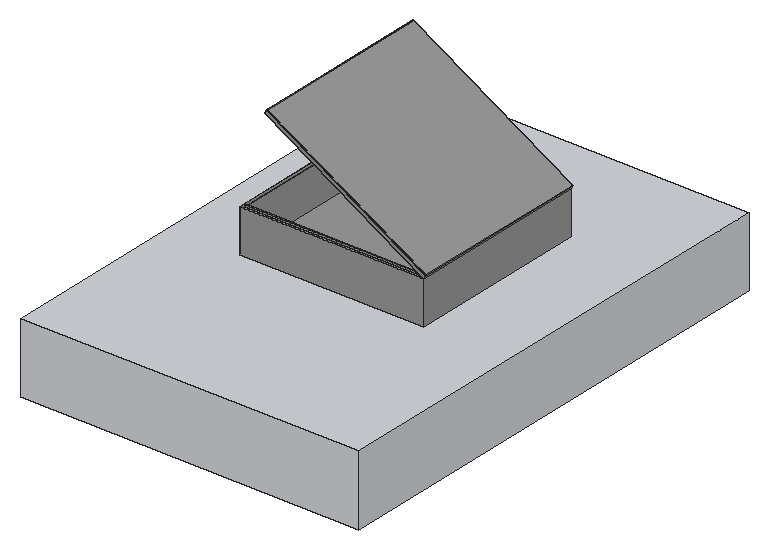
Revit family "Hager-Univers-IP44-D205-H800-Cl.I-Encl-SE-en", category Equipement électrique, Revit 2020
Family settings
  Hôte = Face
  Configuration du panneau = Deux colonnes, circuits au sein
  Cote de connecteur circulaire = Utiliser le diamètre
  Type d'élément = Tableau de raccordement
  Couper avec des vides une fois chargée = Non
  Partagée = Non
  Point de calcul de pièce = Non
Parameters (values of type "Surface mounted (plaster) IP44 W800 H800 D205  - FP53TN2")
  Width Control [instance] = if([EF000008 - Width] > Min Width, [EF000008 - Width], Min Width)  # 800 mm
  Commentaires du type = [HG000003 - Range]  # "Univers"
  Thickness Door [instance] = if([EF009171 - Material plate thickness door/cover] > 3 mm, 3 mm, [EF009171 - Material plate thickness door/cover])  # 1 mm
  Seal Frame Offset [instance] = 17 mm  # constant formula
  Plinth Visibility [instance] = [HG000027 - Plinth height] > 0 mm  # no
  Model = ""
  Min Width [instance] = 100 mm  # constant formula
  Min Height [instance] = 100 mm  # constant formula
  Min Depth [instance] = (2 * [EF009170 - Material plate thickness cabinet]) + 1 mm  # 3 mm
  Internal Frame Depth [instance] = (Door System Depth * 0.5)  # 9 mm
  Height Control [instance] = if([EF000040 - Height] > Min Height, [EF000040 - Height], Min Height)  # 800 mm
  HG000027 - Plinth height = 0 mm
  HG000026 - Floor standing = no
  HG000024 - Bottom section height = 800 mm
  HG000023 - Double section enclosure = no
  HG000016 - Door 3d visibility [instance] = yes
  HG000015 - Clearance visibility [instance] = no
  HG000014 - Door on the right [instance] = yes
  HG000013 - Door on the left [instance] = not([HG000014 - Door on the right])  # no
  HG000012 - Door swing angle [instance] = 30.00°
  HG000010 - Asymmetric doors = no
  HG000009 - Double swing door = no
  HG000006 - Flush mounted = no
  HG000004 - Manufacturer reference = "FP53TN2"
  HG000003 - Range = "Univers"
  HG000002 - With door or cover = yes
  Frame Offset Bottom [instance] = 10 mm  # constant formula
  Frame Offset [instance] = 15 mm  # constant formula
  EF015940 - Cover with overpressure release = no
  EF011959 - Degree of protection (NEMA) = ""
  EF009554 - Number of openings for flange plates = 6
  EF009212 - Cover model = "EV000116 - Closed"
  EF009171 - Material plate thickness door/cover = 1 mm
  EF009170 - Material plate thickness cabinet = 1 mm
  Fabricant = "Hager"  # constant formula
  EF008873 - Nominal current (In) = 250 A
  EF007800 - Suitable for lightning protection = no
  EF006306 - With lock = no
  EF006244 - Transparent cover/door = no
  EF005474 - Degree of protection (IP) = "EV006418 - IP44"
  EF004464 - Type of door = "EV002646 - Single"
  EF004427 - Number of modules = 180
  EF004293 - Impact strength = "EV006815 - IK09"
  EF003532 - Suitable for outdoor use = no
  EF002950 - Width in number of modular spacings = 36
  EF001613 - Circuit integrity = "EV000494 - None"
  EF001596 - Material housing = "EV000179 - Steel"
  EF001131 - Internal depth = 205 mm
  EF001088 - Extension possible = yes
  EF000437 - Number of conduit inlets = 6
  EF000339 - Type of cover = "EV001012 - Cover"
  EF000266 - Number of rows = 5
  EF000218 - Built-in depth = 205 mm
  EF000118 - With mounting plate = no
  EF000116 - RAL-number = "9010"
  EF000049 - Depth = 205 mm
  EF000040 - Height = 800 mm
  EF000008 - Width = 800 mm
  EF000007 - Colour = "EV000202 - White"
  EF000003 - Mounting method = "EV000384 - Surface mounted (plaster)"
  Door System Leaf Tolerance [instance] = 1.5 mm  # constant formula
  Door System Depth [instance] = 18 mm  # constant formula
  Door Height [instance] = Height Control - [HG000027 - Plinth height]  # 800 mm
  Depth Control [instance] = if([EF000049 - Depth] > Min Depth, [EF000049 - Depth], Min Depth)  # 205 mm
  Default Elevation = 0 mm
  Connector Offset [instance] = Height Control / 2  # 400 mm
  Bottom Top Plate Trim [instance] = 1.5 mm  # constant formula
  Plinth height Ctrl [instance] = if([HG000027 - Plinth height] > 0 mm, [HG000027 - Plinth height], 12 mm)  # 12 mm
Types (5, lengths in mm): name | Width Control | HG000010 - Asymmetric doors | HG000009 - Double swing door | HG000004 - Manufacturer reference | EF009554 - Number of openings for flange plates | EF004464 - Type of door | EF004427 - Number of modules | EF002950 - Width in number of modular spacings | EF000437 - Number of conduit inlets | EF000008 - Width
  Surface mounted (plaster) IP44 W1050 H800 D205  - FP54TN2 | 1050 | no | yes | "FP54TN2" | 8 | "EV003602 - Double" | 240 | 48 | 8 | 1050
  Surface mounted (plaster) IP44 W1300 H800 D205  - FP55TN2 | 1300 | yes | yes | "FP55TN2" | 10 | "EV003602 - Double" | 300 | 60 | 10 | 1300
  Surface mounted (plaster) IP44 W300 H800 D205  - FP51TN2 | 300 | no | no | "FP51TN2" | 2 | "EV002646 - Single" | 60 | 12 | 2 | 300
  Surface mounted (plaster) IP44 W550 H800 D205  - FP52TN2 | 550 | no | no | "FP52TN2" | 4 | "EV002646 - Single" | 120 | 24 | 4 | 550
  Surface mounted (plaster) IP44 W800 H800 D205  - FP53TN2 | 800 | no | no | "FP53TN2" | 6 | "EV002646 - Single" | 180 | 36 | 6 | 800
Reference planes
  plane 1 "Center (Front/Back)": y = 0
  plane 2: z = 0
  plane 3 "Center (Left/Right)": x = 0
  plane 4: z = 205
  plane 5: y = 1
  plane 6: y = 400
  plane 7: y = 0
  plane 8: y = 800
  plane 9: z = 0
  plane 10: x = -385
  plane 11: x = 385
  plane 12: x = 384
  plane 13: x = -384
  plane 14: y = 799
  plane 15: x = -383
  plane 16: x = -400
  plane 17: x = 383
  plane 18: x = 400
  plane 19: x = 399
  plane 20: x = -399
  plane 21: y = 11
  plane 22: y = 800
  plane 23: y = 784
  plane 24: z = 187
  plane 25: z = 1
  plane 26: z = 186
  plane 27: z = 204
Forms (mm)
  Extrusion 1, solid
    sketch origin (0, 0, 0) x (1, 0, 0) y (0, 1, 0)
      loop
        line (-702.964, 1305) -> (-702.964, -811.445) -> (766.763, -811.445) -> (766.763, 1305) -> (-702.964, 1305)
    from 0 to -304.8
  Extrusion 2, solid, material "Hager_Steel_RAL7035_Light_Grey", visible <- "Plinth Visibility", detail levels medium+fine
    sketch origin (0, 0, 0) x (1, 0, 0) y (0, 1, 0)
      loop
        line (-400, 0) -> (400, 0) -> (400, 12) -> (-400, 12) -> (-400, 0)
    from 0 to 187
  Extrusion 3, solid, material "Hager_Steel_RAL7035_Light_Grey", detail levels medium+fine
    sketch origin (0, 0, 0) x (1, 0, 0) y (0, 1, 0)
      loop
        line (-400, 0) -> (400, 0) -> (400, 800) -> (-400, 800) -> (-400, 0)
    from 0 to 187
  Extrusion 4, void
    sketch origin (0, 0, 0) x (1, 0, 0) y (0, 1, 0)
      loop
        line (-399, 1) -> (399, 1) -> (399, 799) -> (-399, 799) -> (-399, 1)
    from 1 to 186
  Extrusion 5, void
    sketch origin (-381.607, -4572, 187) x (0, -1, 0) y (-1, 0, 0)
      loop
        line (-4583, 2.393) -> (-5356, 2.393) -> (-5356, -765.607) -> (-4583, -765.607) -> (-4583, 2.393)
    from 0 to 1 <- "EF009170 - Material plate thickness cabinet"
  Extrusion 6, solid, material "Hager_Steel_RAL7035_Light_Grey", detail levels fine
    sketch origin (0, 0, 187) x (1, 0, 0) y (0, 1, 0)
      loop
        line (-384, 784) -> (-384, 11) -> (384, 11) -> (384, 784) -> (-384, 784)
      loop
        line (-385, 10) -> (385, 10) -> (385, 785) -> (-385, 785) -> (-385, 10)
    from 0 to 9 <- "Internal Frame Depth"
  Extrusion 7, solid, material "Hager_Steel_RAL7035_Light_Grey", detail levels coarse
    sketch origin (0, 0, 0) x (1, 0, 0) y (0, 1, 0)
      loop
        line (-400, 0) -> (400, 0) -> (400, 800) -> (-400, 800) -> (-400, 0)
    from 0 to 205
  Sweep 8, void
    path in 3D
      loop
        line (-400, 12, 0) -> (400, 12, 0) -> (400, 12, 187) -> (-400, 12, 187) -> (-400, 12, 0)
    profile origin (-400, 12, 93.5) x (-1, 0, 0) y (0, -1, 0)
      loop
        line (0, 0) -> (0, 1.5) -> (-1.5, 1.5)
        arc (-1.5, 1.5) -> (-1.061, 0.439) -> (0, 0) r 1.5
Cuts and joins
  Extrusion 4, Extrusion 5 cuts Extrusion 3
  Sweep 8 cuts Extrusion 2
Lines and regions (mm)
  Masking region 1
    outline origin (0, 0, 0) x (1, 0, 0) y (0, 0, 1)
      loop
        line (-400, 205) -> (-400, 0) -> (400, 0) -> (400, 205) -> (-400, 205)
  Masking region 2, detail levels medium+fine
    outline origin (0, 140, 0) x (0, 1, 0) y (0, 0, 1)
      loop
        line (-140, 0) -> (660, 0) -> (660, 187) -> (-140, 187) -> (-140, 0)
  Masking region 3, not visible, detail levels medium+fine
    outline origin (0, 297.922, 0) x (0, 1, 0) y (0, 0, 1)
      loop
        line (113.578, 0) -> (153.578, 0) -> (153.578, 194)
        arc (153.578, 194) -> (150.649, 201.071) -> (143.578, 204) r 10
        line (143.578, 204) -> (113.578, 204) -> (113.578, 0)
  Masking region 4, detail levels coarse
    outline origin (0, 0, 180) x (0, 1, 0) y (0, 0, 1)
      loop
        line (0, -180) -> (800, -180) -> (800, 25) -> (0, 25) -> (0, -180)
  Masking region 5, visible <- "Plinth Visibility", detail levels medium+fine
    outline origin (0, 52.24, 12.345) x (0, 0, -1) y (0, 1, 0)
      loop
        line (10.845, -40.24) -> (-173.155, -40.24)
        arc (-173.155, -40.24) -> (-173.594, -41.301) -> (-174.655, -41.74) r 1.5
        line (-174.655, -41.74) -> (-174.655, -52.24) -> (12.345, -52.24) -> (12.345, -41.74)
        arc (12.345, -41.74) -> (11.285, -41.301) -> (10.845, -40.24) r 1.5
  Masking region 6, detail levels medium+fine
    outline origin (-381.607, -4572, 187) x (-1, 0, 0) y (0, -1, 0)
      loop
        line (18.393, -5372) -> (18.393, -4572) -> (-781.607, -4572) -> (-781.607, -5372) -> (18.393, -5372)
  Masking region 7, visible <- "Plinth Visibility", detail levels medium+fine
    outline origin (-381.607, -4727, 187) x (-1, 0, 0) y (0, -1, 0)
      loop
        arc (16.893, -4739) -> (17.332, -4737.939) -> (18.393, -4737.5) r 1.5
        line (18.393, -4737.5) -> (18.393, -4727) -> (-781.607, -4727) -> (-781.607, -4737.5)
        arc (-781.607, -4737.5) -> (-780.546, -4737.939) -> (-780.107, -4739) r 1.5
        line (-780.107, -4739) -> (16.893, -4739)
  Masking region 8, detail levels coarse
    outline origin (-442.548, -4669.526, 187) x (-1, 0, 0) y (0, -1, 0)
      loop
        line (-42.548, -5469.526) -> (-42.548, -4669.526) -> (-842.548, -4669.526) -> (-842.548, -5469.526) -> (-42.548, -5469.526)
  sketch lines
    curve 1: line (-400, 12, 187) -> (-400, 12, 0)
    curve 2: line (400, 12, 187) -> (-400, 12, 187)
    curve 3: line (400, 12, 187) -> (400, 12, 0)
    curve 4: line (-400, 12, 0) -> (400, 12, 0)
Dimensions and locks
  "Depth Control": plane 4 to Extrusion 1
  "HG000027 - Plinth height": plane 1 "Center (Front/Back)" to plane 7
  "EF009170 - Material plate thickness cabinet": plane 5 to plane 7
  locked: connector elem to plane 3 "Center (Left/Right)"
  equal spacing: plane 8, plane 6, plane 7
  locked: connector elem to plane 6
  "EF009170 - Material plate thickness cabinet": plane 8 to plane 14
  "EF009170 - Material plate thickness cabinet": plane 10 to plane 13
  "EF009170 - Material plate thickness cabinet": plane 12 to plane 11
  "Frame Offset": plane 20 to plane 13
  "Frame Offset": plane 12 to plane 19
  "EF009170 - Material plate thickness cabinet": plane 16 to plane 20
  "EF009170 - Material plate thickness cabinet": plane 19 to plane 18
  "Seal Frame Offset": plane 16 to plane 15
  "Seal Frame Offset": plane 17 to plane 18
  "Frame Offset Bottom": plane 21 to plane 5
  "Frame Offset": plane 14 to plane 23
  equal spacing: plane 16, plane 3 "Center (Left/Right)", plane 18
  "Width Control": plane 16 to plane 18
  "EF009170 - Material plate thickness cabinet": plane 4 to plane 27
  "EF009170 - Material plate thickness cabinet": plane 24 to plane 26
  "EF009170 - Material plate thickness cabinet": plane 25 to level
  "Door System Depth": plane 4 to plane 24
  "Height Control": plane 1 "Center (Front/Back)" to Extrusion 7 sketch curve
  "Height Control": Masking region 4 sketch curve to plane 1 "Center (Front/Back)"
  "Height Control": plane 1 "Center (Front/Back)" to plane 22
  "Bottom Top Plate Trim": profile plane to Sweep 8 sketch curve
  "Bottom Top Plate Trim": Sweep 8 sketch curve to profile plane
  "Plinth height Ctrl": plane 1 "Center (Front/Back)" to Extrusion 2 sketch curve
  "Plinth height Ctrl": Masking region 5 sketch curve to plane 1 "Center (Front/Back)"
  "Plinth height Ctrl": plane 1 "Center (Front/Back)" to Masking region 7 sketch curve
  "Thickness Door": Extrusion 6 sketch curve to Extrusion 6 sketch curve  (x3)
  "Thickness Door": cut or joined group of Extrusion 3, Extrusion 4, Extrusion 5 to Extrusion 6 sketch curve
  radius of Masking region 3 sketch curve = 10 mm
  "Bottom Top Plate Trim": radius of Masking region 5 sketch curve  (x2)
  "Bottom Top Plate Trim": radius of Sweep 8 sketch curve
  "Bottom Top Plate Trim": radius of Masking region 7 sketch curve  (x2)
  aligned and locked: plane 2 to Extrusion 1
  aligned and locked: level to Extrusion 1
  aligned and locked: level to Masking region 1 sketch curve
  aligned and locked: Masking region 1 sketch curve to plane 18
  aligned and locked: Masking region 1 sketch curve to plane 16
  aligned and locked: plane 7 to Masking region 2 sketch curve
  aligned and locked: level to Masking region 3 sketch curve
  aligned and locked: Masking region 3 sketch curve to plane 27
  aligned and locked: level to Masking region 2 sketch curve
  aligned and locked: plane 1 "Center (Front/Back)" to Extrusion 2 sketch curve
  aligned and locked: Extrusion 3 sketch curve to plane 7
  aligned and locked: plane 16 to Extrusion 3 sketch curve
  aligned and locked: plane 18 to Extrusion 3 sketch curve
  aligned and locked: plane 20 to Extrusion 4 sketch curve
  aligned and locked: plane 19 to Extrusion 4 sketch curve
  aligned and locked: Extrusion 4 sketch curve to plane 5
  aligned and locked: Extrusion 4 to plane 25
  aligned and locked: plane 26 to Extrusion 4
  aligned and locked: plane 24 to Extrusion 3
  aligned and locked: Extrusion 5 sketch curve to plane 21
  aligned and locked: Extrusion 5 sketch curve to plane 13
  aligned and locked: Extrusion 5 sketch curve to plane 12
  aligned and locked: plane 18 to Extrusion 7 sketch curve
  aligned and locked: plane 1 "Center (Front/Back)" to Extrusion 7 sketch curve
  aligned and locked: plane 16 to Extrusion 7 sketch curve
  aligned and locked: plane 4 to Extrusion 7
  aligned and locked: Extrusion 7 to level
  aligned and locked: level to Masking region 4 sketch curve
  aligned and locked: Masking region 4 sketch curve to plane 1 "Center (Front/Back)"
  aligned and locked: Masking region 4 sketch curve to plane 4
  aligned and locked: nested 1 to level
  aligned and locked: nested 1 to plane 16
  aligned and locked: plane 8 to Extrusion 3 sketch curve
  aligned and locked: plane 23 to Extrusion 5 sketch curve
  aligned and locked: plane 14 to Extrusion 4 sketch curve
  aligned and locked: Masking region 2 sketch curve to plane 8
  aligned and locked: level to Masking region 5 sketch curve
  aligned and locked: plane 16 to Extrusion 2 sketch curve
  aligned and locked: plane 18 to Extrusion 2 sketch curve
  aligned and locked: Masking region 5 sketch curve to plane 24
  aligned and locked: Masking region 2 sketch curve to plane 24
  aligned and locked: plane 24 to Extrusion 2
  aligned and locked: profile plane to Sweep 8 sketch curve  (x2)
  aligned and locked: Masking region 6 sketch curve to plane 18
  aligned and locked: Masking region 6 sketch curve to plane 22
  aligned and locked: Masking region 6 sketch curve to plane 16
  aligned and locked: plane 8 to plane 22
  aligned and locked: Masking region 6 sketch curve to plane 7
  aligned and locked: Masking region 7 sketch curve to plane 16
  aligned and locked: Masking region 7 sketch curve to plane 1 "Center (Front/Back)"
  aligned and locked: Masking region 7 sketch curve to plane 18
  aligned and locked: Masking region 8 sketch curve to plane 1 "Center (Front/Back)"
  aligned and locked: Masking region 8 sketch curve to plane 18
  aligned and locked: Masking region 8 sketch curve to plane 22
  aligned and locked: Masking region 8 sketch curve to plane 16
  aligned and locked: nested 2 to plane 7
  aligned and locked: plane 3 "Center (Left/Right)" to nested 2
  aligned and locked: nested 2 to plane 24
  aligned and locked: Extrusion 6 sketch curve to cut or joined group of Extrusion 3, Extrusion 4, Extrusion 5  (x4)
Automatic sketch dimensions
  Extrusion 1 sketch curve to Extrusion 1 sketch curve = 1469.727 mm
  Extrusion 1 sketch curve to Extrusion 1 sketch curve = 2116.445 mm
  Masking region 1 sketch curve to plane 4 = 0 mm
  plane 6 to Masking region 3 sketch curve = 11.5 mm
  Masking region 3 sketch curve to Masking region 3 sketch curve = 30 mm
  Masking region 5 sketch curve to plane 1 "Center (Front/Back)" = 0 mm
Nested families
  nested 1: "Hager_Enclosure_Symbol" at (-400, 0, 0) x (1, 0, 0) z (0, -1, 0), Height <- "Depth Control", Width <- "Width Control", type "Hager_Enclosure_Symbol"
    with Width_Ctrl 800 mm, Width 800 mm, Height_Ctrl 205 mm, Height 205 mm, A_Width_Int 13.453 mm, A_Width 161.438 mm, A_Height_Ctrl 179.375 mm, A_Height 179.375 mm
  nested 2: "EC000058_Univers_Door" at (0, 0, 187) x (1, 0, 0) z (0, 1, 0), Leaf_Tolerance <- "Door System Leaf Tolerance", Angle <- "HG000012 - Door swing angle", Door_Depth <- "Door System Depth", Door_Left <- "HG000013 - Door on the left", Transparent <- "EF006244 - Transparent cover/door", Assymetrical <- "HG000010 - Asymmetric doors", Width <- "Width Control", Clearance <- "HG000015 - Clearance visibility", Double <- "HG000009 - Double swing door", 3d_Door <- "HG000016 - Door 3d visibility", Lock_Visibility <- "EF006306 - With lock", Width_Ctrl <- "Width Control", Door_Right <- "HG000014 - Door on the right", Door <- "HG000002 - With door or cover", Height <- "Door Height", Thickness <- "Thickness Door", type "EC000058_Univers_Door", detail levels medium+fine
    with min_wh 3 mm, Width_Ctrl 800 mm, Width 800 mm, Transparent no, Thickness 1 mm, Seal_Material Hager_Rubber, Lock_Visibility no, Lock_Material Hager_Plastic_RAL9005_Jet_Black, Leaf_Width 800 mm, Leaf_Tolerance_External_Sides 0 mm, Leaf_Tolerance 1.5 mm, Leaf_Offset 0 mm, Leaf_Height 797 mm, Leaf_2_Width 800 mm, Leaf_2_Offset 400 mm, Leaf_1_Width 800 mm, Leaf_1_Offset 400 mm, Height_Ctrl 800 mm, Height 800 mm, Glass_Material Hager_Glass, Double_Clearance_Ctrl no, Double no, Door_Right_Ctrl yes, Door_Right yes, Door_Material Hager_Steel_RAL7035_Light_Grey, Door_Left_Ctrl no, Door_Left no, Door_Depth 18 mm, Door yes, Clearance_Material Hager_Clearance, Clearance_Depth 800 mm, Clearance_Ctrl no, Clearance no, Assymetrical no, Angle 30.00°, 3d_Door yes
Connectors
  electrical at (0, 400, 0)
    settings: on plane 9, index 1, voltage 0 V, apparent load 0 VA, apparent load phase1 0 VA, apparent load phase2 0 VA, apparent load phase3 0 VA, power factor 1, load classification "Other", number of poles 1, system type 30, power factor state 1, is connector primary yes, connector utility no, sub classification motor no, connector description ""
Definition of nested family "EC000058_Univers_Door"
  Parameters (values of type "EC000058_Univers_Door")
    min_wh [instance] = (2 * Thickness) + 1 mm  # 11 mm
    Width_Ctrl [instance] = 400 mm
    Width [instance] = 500 mm
    Transparent [instance] = yes
    Thickness [instance] = 5 mm
    Seal_Material [instance] = none
    Lock_Visibility [instance] = yes
    Lock_Material [instance] = none
    Leaf_Width [instance] = if((Width_Ctrl - 2 * Leaf_Tolerance_External_Sides) > 0 mm, (Width_Ctrl - 2 * Leaf_Tolerance_External_Sides), min_wh)  # 400 mm
    Leaf_Tolerance_External_Sides [instance] = 0 mm  # constant formula
    Leaf_Tolerance [instance] = 1.5 mm
    Leaf_Offset [instance] = 0 mm  # constant formula
    Leaf_Height [instance] = if((Height_Ctrl - 2 * Leaf_Tolerance) > 0 mm, (Height_Ctrl - 2 * Leaf_Tolerance), min_wh)  # 497 mm
    Leaf_2_Width [instance] = if(and(and(Double, Assymetrical), Door_Left), (Leaf_Width / 3) - (Leaf_Tolerance / 2), if(and(and(Double, Assymetrical), Door_Right), (Leaf_Width / 3) * 2 - (Leaf_Tolerance / 2), if(and(Double, not(Assymetrical)), (Leaf_Width / 2) - Leaf_Tolerance, Leaf_Width)))  # 400 mm
    Leaf_2_Offset [instance] = if(and(Double, Assymetrical), Leaf_2_Width / 2, if(and(Double, not(Assymetrical)), Leaf_Width / 4, Leaf_Width / 2))  # 200 mm
    Leaf_1_Width [instance] = if(and(and(Double, Assymetrical), Door_Right), (Leaf_Width / 3) - (Leaf_Tolerance / 2), if(and(and(Double, Assymetrical), Door_Left), (Width / 3) * 2 - (Leaf_Tolerance / 2), if(and(Double, not(Assymetrical)), (Leaf_Width / 2) - Leaf_Tolerance, Leaf_Width)))  # 400 mm
    Leaf_1_Offset [instance] = if(and(Double, Assymetrical), Leaf_1_Width / 2, if(and(Double, not(Assymetrical)), Leaf_Width / 4, Leaf_Width / 2))  # 200 mm
    Height_Ctrl [instance] = if(Height > min_wh, Height, min_wh)  # 500 mm
    Height [instance] = 500 mm
    Glass_Material [instance] = none
    Double_Clearance_Ctrl [instance] = and(Double, Clearance)  # no
    Double [instance] = no
    Door_Right_Ctrl [instance] = and(or(Door_Right, Double), Door)  # yes
    Door_Right [instance] = yes
    Door_Material [instance] = none
    Door_Left_Ctrl [instance] = and(or(Door_Left, Double), Door)  # no
    Door_Left [instance] = no
    Door_Depth [instance] = 30 mm
    Door [instance] = yes
    Default Elevation = 1219.2 mm
    Clearance_Material [instance] = none
    Clearance_Depth [instance] = if(Leaf_1_Width > Leaf_2_Width, Leaf_1_Width, Leaf_2_Width)  # 400 mm
    Clearance_Ctrl [instance] = and(not(Double), Clearance)  # yes
    Clearance [instance] = yes
    Assymetrical [instance] = yes
    Angle [instance] = 30.00°
    3d_Door [instance] = yes
  Reference planes
    plane 1 "Center (Front/Back)": y = 0
    plane 2 "Bottom": z = 0
    plane 3 "Center (Left/Right)": x = 0
    plane 4: z = 500
    plane 5: x = -200
    plane 6: x = 200
    plane 7: z = 500
    plane 8: x = -200
    plane 9: z = 0
    plane 10: x = 200
    plane 11: y = 0
    plane 12: z = 1.5
    plane 13: x = -600
    plane 14: y = -400
    plane 15: x = 600
    plane 16: x = 0
    plane 17: x = 0
    plane 18: x = -200
    plane 19: x = 200
    plane 20: z = 498.5
  Forms (mm)
    Extrusion 1, solid, material <- "Clearance_Material", visible <- "Double_Clearance_Ctrl"
      sketch origin (1200, 0, 0) x (1, 0, 0) y (0, 0, -1)
        loop
          line (-1800, -498.5) -> (-600, -498.5) -> (-600, 0) -> (-1800, 0) -> (-1800, -498.5)
      from 0 to -400
  Dimensions and locks
    equal spacing: plane 5, plane 3 "Center (Left/Right)", plane 6
    "Width_Ctrl": plane 5 to plane 6
    "Leaf_Offset": plane 5 to plane 8
    "Leaf_Offset": plane 6 to plane 10
    "Leaf_Offset": plane 9 to level
    "Leaf_Offset": plane 4 to plane 7
    "Height_Ctrl": plane 4 to level
    "Leaf_Tolerance": plane 12 to plane 9
    locked: plane 11 to plane 1 "Center (Front/Back)"
    "Leaf_1_Offset": plane 18 to plane 16
    "Leaf_2_Offset": plane 17 to plane 19
    "Leaf_1_Width": plane 13 to plane 8
    "Leaf_2_Width": plane 10 to plane 15
    "Clearance_Depth": plane 14 to plane 1 "Center (Front/Back)"
    "Leaf_Tolerance_External_Sides": plane 8 to plane 18
    "Leaf_Tolerance_External_Sides": plane 19 to plane 10
    "Leaf_Tolerance": plane 7 to plane 20
    aligned and locked: level to plane 2 "Bottom"
    aligned and locked: nested 1 to plane 16
    aligned and locked: nested 2 to plane 17
    aligned and locked: Extrusion 1 to plane 13
    aligned and locked: plane 15 to Extrusion 1
    aligned and locked: Extrusion 1 to plane 14
    aligned and locked: plane 12 to nested 1
    aligned and locked: nested 2 to plane 12
    aligned and locked: Extrusion 1 to plane 11
    aligned and locked: plane 20 to Extrusion 1
    aligned and locked: nested 2 to plane 11
    aligned and locked: nested 1 to plane 11
  Automatic sketch dimensions
    Extrusion 1 sketch curve to level = 0 mm
    plane 5 to Extrusion 1 sketch curve = 400 mm
    plane 6 to Extrusion 1 sketch curve = 400 mm
    Extrusion 1 sketch curve to plane 4 = 1.5 mm
  Nested families
    nested 1: "EC000058_Univers_Door_Leaf" at (0, 0, 1.5), Width <- "Leaf_1_Width", visible <- "Door_Left_Ctrl", Leaf_Height <- "Leaf_Height", Angle <- "Angle", 3d_Door <- "3d_Door", Transparent <- "Transparent", Clearance Material <- "Clearance_Material", Clearance <- "Clearance_Ctrl", Door_Material <- "Door_Material", Glass_Material <- "Glass_Material", Door_Depth <- "Door_Depth", Lock_Material <- "Lock_Material", Seal_Material <- "Seal_Material", Lock_Visibility <- "Lock_Visibility", Thickness <- "Thickness", type "EC000058_Univers_Door_Leaf"
      with Width 400 mm, Transparent_Glass_Offset 30 mm, Transparent_Ctrl yes, Transparent yes, Thickness 5 mm, Standard no, Seal_Material none, Seal_D2 8 mm, Seal_D1 1 mm, Offset_Internal_Frame 10 mm, Lock_Width 20 mm, Lock_Visibility_3d yes, Lock_Visibility yes, Lock_Thickness_3 3 mm, Lock_Thickness_2 1 mm, Lock_Thickness_1 3 mm, Lock_Radius_Offset_2 16 mm, Lock_Radius_Offset_1 15 mm, Lock_Radius_2 5 mm, Lock_Radius 6 mm, Lock_Offset 5 mm, Lock_Material none, Lock_Height 80 mm, Lock_Cover_Top_Offset_2d 17 mm, Lock_Cover_Height -65 mm, Leaf_Height 497 mm, Internal_Seal_Thickness 8 mm, Internal_Seal_Depth_2 4.5 mm, Internal_Frame_Depth 25 mm, Glass_Thickness -1 mm, Glass_Offset -2 mm, Glass_Material none, Door_Material none, Door_Depth 30 mm, Clearance Material none, Clearance yes, Angle_Ctrl 30.00°, Angle 30.00°, 3d_Door yes
    nested 2: "EC000058_Univers_Door_Leaf" at (0, 0, 1.5) x (-1, 0, 0) z (0, 0, 1), Width <- "Leaf_2_Width", visible <- "Door_Right_Ctrl", Leaf_Height <- "Leaf_Height", Angle <- "Angle", 3d_Door <- "3d_Door", Transparent <- "Transparent", Clearance Material <- "Clearance_Material", Clearance <- "Clearance_Ctrl", Door_Material <- "Door_Material", Glass_Material <- "Glass_Material", Door_Depth <- "Door_Depth", Lock_Material <- "Lock_Material", Seal_Material <- "Seal_Material", Lock_Visibility <- "Lock_Visibility", Thickness <- "Thickness", type "EC000058_Univers_Door_Leaf"
      with Width 400 mm, Transparent_Glass_Offset 30 mm, Transparent_Ctrl yes, Transparent yes, Thickness 5 mm, Standard no, Seal_Material none, Seal_D2 8 mm, Seal_D1 1 mm, Offset_Internal_Frame 10 mm, Lock_Width 20 mm, Lock_Visibility_3d yes, Lock_Visibility yes, Lock_Thickness_3 3 mm, Lock_Thickness_2 1 mm, Lock_Thickness_1 3 mm, Lock_Radius_Offset_2 16 mm, Lock_Radius_Offset_1 15 mm, Lock_Radius_2 5 mm, Lock_Radius 6 mm, Lock_Offset 5 mm, Lock_Material none, Lock_Height 80 mm, Lock_Cover_Top_Offset_2d 17 mm, Lock_Cover_Height -65 mm, Leaf_Height 497 mm, Internal_Seal_Thickness 8 mm, Internal_Seal_Depth_2 4.5 mm, Internal_Frame_Depth 25 mm, Glass_Thickness -1 mm, Glass_Offset -2 mm, Glass_Material none, Door_Material none, Door_Depth 30 mm, Clearance Material none, Clearance yes, Angle_Ctrl 30.00°, Angle 30.00°, 3d_Door yes
  Definition of nested family "EC000058_Univers_Door_Leaf"
    Parameters (values of type "EC000058_Univers_Door_Leaf")
      Width [instance] = 2000 mm
      Transparent_Glass_Offset [instance] = 30 mm
      Transparent_Ctrl [instance] = and(Transparent, [3d_Door])  # yes
      Transparent [instance] = yes
      Thickness [instance] = 5 mm
      Standard [instance] = and(not(Transparent), [3d_Door])  # no
      Seal_Material [instance] = none
      Seal_D2 [instance] = 8 mm  # constant formula
      Seal_D1 [instance] = 1 mm  # constant formula
      Offset_Internal_Frame [instance] = 10 mm  # constant formula
      Lock_Width [instance] = 20 mm  # constant formula
      Lock_Visibility_3d [instance] = and(Lock_Visibility, [3d_Door])  # yes
      Lock_Visibility [instance] = yes
      Lock_Thickness_3 [instance] = 3 mm  # constant formula
      Lock_Thickness_2 [instance] = 1 mm  # constant formula
      Lock_Thickness_1 [instance] = 3 mm  # constant formula
      Lock_Radius_Offset_2 [instance] = Lock_Radius_Offset_1 + 1 mm  # 16 mm
      Lock_Radius_Offset_1 [instance] = 15 mm  # constant formula
      Lock_Radius_2 [instance] = Lock_Radius - 1 mm  # 5 mm
      Lock_Radius [instance] = 6 mm  # constant formula
      Lock_Offset [instance] = 5 mm  # constant formula
      Lock_Material [instance] = none
      Lock_Height [instance] = 80 mm  # constant formula
      Lock_Cover_Top_Offset_2d [instance] = Lock_Radius_Offset_2 + 1 mm  # 17 mm
      Lock_Cover_Height [instance] = -(Lock_Height - Lock_Radius_Offset_1)  # -65 mm
      Leaf_Height [instance] = 2720.336 mm
      Internal_Seal_Thickness [instance] = 8 mm  # constant formula
      Internal_Seal_Depth_2 [instance] = 4.5 mm  # constant formula
      Internal_Frame_Depth [instance] = if(Door_Depth - Thickness > 5 mm, Door_Depth - Thickness, 5 mm)  # 25 mm
      Glass_Thickness [instance] = if(Thickness > 15 mm, Glass_Offset + 10 mm, -1 mm)  # -1 mm
      Glass_Offset [instance] = if(Thickness > 15 mm, -(Thickness + 10 mm) / 2, -2 mm)  # -2 mm
      Glass_Material [instance] = none
      Door_Material [instance] = none
      Door_Depth [instance] = 30 mm
      Default Elevation = 0 mm
      Clearance Material [instance] = none
      Clearance [instance] = yes
      Angle_Ctrl [instance] = if(Angle > 180.00°, 180.00°, Angle)  # 90.00°
      Angle [instance] = 90.00°
      3d_Door [instance] = yes
    Reference planes
      plane 1 "Center (Front/Back)": y = 0
      plane 2: z = 0
      plane 3 "Center (Left/Right)": x = 0
      plane 4: y = 2000
      plane 5: x = -1000
      plane 6: x = 1000
      plane 7: x = -3000
      plane 8: z = 2720.336
      plane 9: z = 30
      plane 10: z = 2690.336
      plane 11: x = 970
      plane 12: x = -970
      plane 13: y = -3
      plane 14: z = 107.833
      plane 15: y = -5
      plane 16: y = -223.314
      plane 17: x = -1000
      plane 18: z = 1360.168
      plane 19: y = 30
    Forms (mm)
      Extrusion 1, solid, material <- "Clearance Material", visible <- "Clearance"
        sketch origin (0, 0, 0) x (1, 0, 0) y (0, 0, 1)
          loop
            line (-3000, 2720.336) -> (-3000, 0) -> (1000, 0) -> (1000, 2720.336) -> (-3000, 2720.336)
        from 0 to -2000
      Extrusion 2, solid, material <- "Door_Material", visible <- "Standard", detail levels medium+fine
        sketch origin (-1000, 0, 0) x (0, 1, 0) y (-1, 0, 0)
          loop
            line (0, 30) -> (0, 25) -> (2000, 25) -> (2000, 30) -> (0, 30)
        from 0 to 2720.336 <- "Leaf_Height"
      Extrusion 3, solid, material <- "Door_Material", visible <- "Transparent_Ctrl", detail levels medium+fine
        sketch origin (-1000, 0, 0) x (0, 1, 0) y (-1, 0, 0)
          loop
            line (0, 25) -> (2000, 25) -> (2000, 30) -> (0, 30) -> (0, 25)
        from 0 to 2720.336 <- "Leaf_Height"
      Extrusion 4, void
        sketch origin (-1025, 2000, 0) x (0, 1, 0) y (0, 0, -1)
          loop
            line (-30, -2690.336) -> (-30, -30) -> (-1970, -30) -> (-1970, -2690.336) -> (-30, -2690.336)
        from 0 to 5 <- "Thickness"
      Sweep 5, solid, material <- "Seal_Material", visible <- "Transparent_Ctrl", detail levels fine
        path in 3D
          loop
            line (-1025, 30, 30) -> (-1025, 30, 2690.336) -> (-1025, 1970, 2690.336) -> (-1025, 1970, 30) -> (-1025, 30, 30)
        profile origin (-1025, 1000, 30) x (1, 0, 0) y (0, 0, 1)
          loop
            line (0, 0) -> (0, -8) -> (1, -8) -> (1, 0) -> (0, 0)
      Extrusion 6, solid, material <- "Glass_Material", visible <- "Transparent_Ctrl", detail levels medium+fine
        sketch origin (-1030, 0, 0) x (0, 1, 0) y (0, 0, -1)
          loop
            line (1970, -2690.336) -> (1970, -30) -> (30, -30) -> (30, -2690.336) -> (1970, -2690.336)
        from -2 <- "Glass_Offset" to -1 <- "Glass_Thickness"
      Extrusion 7, solid, material <- "Door_Material", visible <- "3d_Door", detail levels medium+fine
        sketch origin (-1025, 2000, 0) x (0, -1, 0) y (0, 0, -1)
          loop
            line (0, -2720.336) -> (2000, -2720.336) -> (2000, 0) -> (0, 0) -> (0, -2720.336)
          loop
            line (1995, -5) -> (5, -5) -> (5, -2715.336) -> (1995, -2715.336) -> (1995, -5)
        from 0 to 25 <- "Internal_Frame_Depth"
      Sweep 8, solid, material <- "Seal_Material", visible <- "Transparent_Ctrl", detail levels fine
        path in 3D
          loop
            line (-1025, 0, 0) -> (-1025, 2000, 0) -> (-1025, 2000, 2720.336) -> (-1025, 0, 2720.336) -> (-1025, 0, 0)
        profile origin (-1025, 0, 1360.168) x (1, 0, 0) y (0, 1, 0)
          loop
            line (0, 10) -> (2.975, 10)
            arc (2.975, 10) -> (4.053, 10.447) -> (4.5, 11.525) r 1.525
            line (4.5, 11.525) -> (4.5, 16.527)
            arc (4.5, 16.527) -> (4.069, 17.569) -> (3.027, 18) r 1.473
            line (3.027, 18) -> (0, 18) -> (0, 10)
      Extrusion 9, solid, material <- "Lock_Material", visible <- "Lock_Visibility_3d", detail levels fine
        sketch origin (-1030, 0, 0) x (0, 1, 0) y (0, 0, -1)
          loop
            arc (1993.5, -1400.168) -> (1994.561, -1399.729) -> (1995, -1398.668) r 1.5
            line (1995, -1398.668) -> (1995, -1320.168) -> (1975, -1320.168) -> (1975, -1398.668)
            arc (1975, -1398.668) -> (1975.439, -1399.729) -> (1976.5, -1400.168) r 1.5
            line (1976.5, -1400.168) -> (1993.5, -1400.168)
        from 3 <- "Lock_Thickness_1" to 0
      Blend 10, solid, material <- "Lock_Material", visible <- "Lock_Visibility_3d", detail levels fine
        base sketch origin (-1033, 0, 0) x (0, 1, 0) y (0, 0, -1)
          loop
            line (1975, -1320.168) -> (1975, -1398.668)
            arc (1975, -1398.668) -> (1975.439, -1399.729) -> (1976.5, -1400.168) r 1.5
            line (1976.5, -1400.168) -> (1993.5, -1400.168)
            arc (1993.5, -1400.168) -> (1994.561, -1399.729) -> (1995, -1398.668) r 1.5
            line (1995, -1398.668) -> (1995, -1320.168) -> (1975, -1320.168)
        top sketch origin (-1033, 0, 0) x (0, 1, 0) y (0, 0, -1)
          loop
            line (1976, -1320.168) -> (1976, -1398.668)
            arc (1976, -1398.668) -> (1976.146, -1399.022) -> (1976.5, -1399.168) r 0.5
            line (1976.5, -1399.168) -> (1993.5, -1399.168)
            arc (1993.5, -1399.168) -> (1993.854, -1399.022) -> (1994, -1398.668) r 0.5
            line (1994, -1398.668) -> (1994, -1320.168) -> (1976, -1320.168)
        from 0 to 1 <- "Lock_Thickness_2"
      Blend 11, solid, material <- "Lock_Material", visible <- "Lock_Visibility_3d", detail levels fine
        base sketch origin (-1034, 0, 0) x (0, 1, 0) y (0, 0, -1)
          loop
            line (1978, -1320.168) -> (1978, -1384.168)
            arc (1978, -1384.168) -> (1985, -1391.168) -> (1992, -1384.168) r 7
            line (1992, -1384.168) -> (1992, -1320.168) -> (1978, -1320.168)
        top sketch origin (-1034, 0, 0) x (0, 1, 0) y (0, 0, -1)
          loop
            line (1991, -1320.168) -> (1979, -1320.168) -> (1979, -1383.168)
            arc (1979, -1383.168) -> (1985, -1389.168) -> (1991, -1383.168) r 6
            line (1991, -1383.168) -> (1991, -1320.168)
        from 0 to 3 <- "Lock_Thickness_3"
      Extrusion 12, solid, material <- "Lock_Material", visible <- "Lock_Visibility_3d", detail levels fine
        sketch origin (-1030, 1975, 1320.168) x (1, 0, 0) y (0, -1, 0)
          loop
            line (-7, -19) -> (-7, -1) -> (0, -1) -> (0, 0) -> (-8, 0) -> (-8, -20) -> (0, -20) -> (0, -19) -> (-7, -19)
        from 0 to -65 <- "Lock_Cover_Height"
      Extrusion 13, void
        sketch origin (-1038, 1995, 1320.168) x (-1, 0, 0) y (0, 0, -1)
          loop
            line (-5, -65) -> (0, -65) -> (-5, -60) -> (-5, -65)
        from 0 to 20 <- "Lock_Width"
      Extrusion 14, void
        sketch origin (-1038, 1975, 1320.168) x (0, -1, 0) y (0, 0, -1)
          loop
            circle (-10, -15.995) r 6
          loop
            circle (-10, -15.995) r 5
        from 0 to 2
      Extrusion 15, solid, material <- "Lock_Material", visible <- "Lock_Visibility_3d", detail levels medium
        sketch origin (-1030, 0, 0) x (0, 1, 0) y (0, 0, -1)
          loop
            arc (1993.5, -1400.168) -> (1994.561, -1399.729) -> (1995, -1398.668) r 1.5
            line (1995, -1398.668) -> (1995, -1320.168) -> (1975, -1320.168) -> (1975, -1398.668)
            arc (1975, -1398.668) -> (1975.439, -1399.729) -> (1976.5, -1400.168) r 1.5
            line (1976.5, -1400.168) -> (1993.5, -1400.168)
        from 8 to 0
    Cuts and joins
      Extrusion 4 cuts Extrusion 3
      Extrusion 13, Extrusion 14 cuts Extrusion 9
      Extrusion 14 cuts Blend 11
      Extrusion 13, Extrusion 14 cuts Extrusion 12
      joined: Extrusion 9, Blend 10, Blend 11, Extrusion 12
      Extrusion 14 cuts Extrusion 15
    Lines and regions (mm)
      Masking region 1, visible <- "Lock_Visibility", detail levels fine
        outline origin (0, 0, 0) x (0, 1, 0) y (0, 0, 1)
          loop
            line (30, 1320.168) -> (33, 1320.168) -> (33, 1400.168) -> (30, 1400.168) -> (30, 1320.168)
      Masking region 2, visible <- "Lock_Visibility", detail levels fine
        outline origin (0, 3.143, 0) x (0, 1, 0) y (0, 0, 1)
          loop
            line (29.857, 1354.168) -> (30.857, 1354.168) -> (30.857, 1366.168) -> (29.857, 1366.168) -> (29.857, 1354.168)
      Masking region 3, detail levels medium+fine
        outline origin (0, 0, 0) x (0, 1, 0) y (0, 0, 1)
          loop
            line (0, 0) -> (30, 0) -> (30, 2720.336) -> (0, 2720.336) -> (0, 0)
      Masking region 4, detail levels medium+fine
        outline origin (0, 0, 0) x (1, 0, 0) y (0, 0, 1)
          loop
            line (-1000, 2720.336) -> (-1000, 0) -> (1000, 0) -> (1000, 2720.336) -> (-1000, 2720.336)
      Masking region 5, visible <- "Lock_Visibility", detail levels fine
        outline origin (-47.116, 0, 0) x (1, 0, 0) y (0, 0, 1)
          loop
            arc (1024.616, 1399.168) -> (1023.556, 1398.729) -> (1023.116, 1397.668) r 1.5
            line (1023.116, 1397.668) -> (1023.116, 1320.168) -> (1041.116, 1320.168) -> (1041.116, 1397.668)
            arc (1041.116, 1397.668) -> (1040.677, 1398.729) -> (1039.616, 1399.168) r 1.5
            line (1039.616, 1399.168) -> (1024.616, 1399.168)
      Masking region 6, visible <- "Lock_Visibility", detail levels medium+fine
        outline origin (-25, 0, 0) x (1, 0, 0) y (0, 0, 1)
          loop
            arc (1001.5, 1400.168) -> (1000.439, 1399.729) -> (1000, 1398.668) r 1.5
            line (1000, 1398.668) -> (1000, 1320.168) -> (1020, 1320.168) -> (1020, 1398.668)
            arc (1020, 1398.668) -> (1019.561, 1399.729) -> (1018.5, 1400.168) r 1.5
            line (1018.5, 1400.168) -> (1001.5, 1400.168)
      Masking region 7, visible <- "Lock_Visibility", detail levels fine
        outline origin (-73.735, 0, 0) x (1, 0, 0) y (0, 0, 1)
          loop
            line (1051.735, 1382.168) -> (1065.735, 1382.168) -> (1065.735, 1384.168)
            arc (1065.735, 1384.168) -> (1058.735, 1391.168) -> (1051.735, 1384.168) r 7
            line (1051.735, 1384.168) -> (1051.735, 1382.168)
      Masking region 8, visible <- "Lock_Visibility", detail levels fine
        outline origin (-73.735, 0, 0) x (1, 0, 0) y (0, 0, 1)
          loop
            line (1052.735, 1382.168) -> (1064.735, 1382.168) -> (1064.735, 1383.168)
            arc (1064.735, 1383.168) -> (1058.735, 1389.168) -> (1052.735, 1383.168) r 6
            line (1052.735, 1383.168) -> (1052.735, 1382.168)
      Masking region 9, visible <- "Lock_Visibility", detail levels fine
        outline origin (-25, 0, 0) x (1, 0, 0) y (0, 0, 1)
          loop
            line (1020, 1320.168) -> (1020, 1382.168) -> (1000, 1382.168) -> (1000, 1320.168) -> (1020, 1320.168)
      Masking region 10, detail levels medium+fine
        outline origin (0, 0, 0) x (1, 0, 0) y (0, 0, 1)
          loop
            circle (985, 1335.144) r 6
      Masking region 11, detail levels fine
        outline origin (0, 0, 0) x (1, 0, 0) y (0, 0, 1)
          loop
            circle (985, 1335.144) r 5
      Masking region 12, visible <- "Lock_Visibility", detail levels fine
        outline origin (0, 12.767, 0) x (0, 1, 0) y (0, 0, 1)
          loop
            line (20.233, 1320.168) -> (21.233, 1320.168) -> (21.233, 1399.168) -> (20.233, 1400.168) -> (20.233, 1320.168)
      Masking region 13, visible <- "Lock_Visibility", detail levels fine
        outline origin (0, 13.767, -10) x (0, 1, 0) y (0, 0, 1)
          loop
            line (20.233, 1330.168) -> (23.233, 1330.168) -> (23.233, 1399.168) -> (20.233, 1402.168) -> (20.233, 1330.168)
      Masking region 14, visible <- "Lock_Visibility", detail levels fine
        outline origin (0, 12.767, -10) x (0, 1, 0) y (0, 0, 1)
          loop
            line (20.233, 1330.168) -> (25.233, 1330.168) -> (25.233, 1399.305) -> (20.233, 1394.305) -> (20.233, 1330.168)
      Masking region 15, visible <- "Lock_Visibility", detail levels medium
        outline origin (0, 0, 0) x (0, 1, 0) y (0, 0, 1)
          loop
            line (30, 1320.168) -> (38, 1320.168) -> (38, 1400.168) -> (30, 1400.168) -> (30, 1320.168)
      Masking region 16, visible <- "Lock_Visibility", detail levels fine
        outline origin (-1000, 0, 0) x (0, 1, 0) y (-1, 0, 0)
          loop
            line (1975, 30) -> (1995, 30) -> (1995, 38) -> (1975, 38) -> (1975, 30)
          loop
            line (1979, 37) -> (1976, 37) -> (1976, 34) -> (1978, 34) -> (1979, 37)
          loop
            line (1994, 37) -> (1991, 37) -> (1992, 34) -> (1994, 34) -> (1994, 37)
      Masking region 17, visible <- "Lock_Visibility", detail levels medium
        outline origin (-1000, 0, 0) x (0, 1, 0) y (-1, 0, 0)
          loop
            line (1975, 30) -> (1995, 30) -> (1995, 38) -> (1975, 38) -> (1975, 30)
      symbolic lines
        curve 1: line (1000, 0, 0) -> (-3000, 0, 0)
        curve 2: arc (1000, 0, 0) -> (-1000, 2000, 0) -> (-3000, 0, 0) r 2000
        curve 4: line (-1030, 0, 0) -> (-1030, 2000, 0)
      reference lines
        curve 3: line (-1000, 0, 0) -> (-1000, 2000, 0)
      symbolic lines, detail levels medium+fine
        curve 5: line (-1030, 2000, 0) -> (-1025, 2000, 0)
        curve 7: line (-1025, 0, 0) -> (-1030, 0, 0)
        curve 8: line (-1025, 0, 0) -> (-1000, 0, 0)
        curve 9: line (-1000, 0, 0) -> (-1000, 2000, 0)
        curve 10: line (-1000, 2000, 0) -> (-1025, 2000, 0)
      symbolic lines, detail levels fine
        curve 6: line (-1025, 2000, 0) -> (-1025, 0, 0)
      sketch lines
        curve 11: line (-1025, 0, 2720.336) -> (-1025, 0, 0)
        curve 12: line (-1025, 2000, 0) -> (-1025, 0, 0)
        curve 13: line (-1025, 2000, 2720.336) -> (-1025, 2000, 0)
        curve 14: line (-1025, 0, 2720.336) -> (-1025, 2000, 2720.336)
        curve 15: line (-1025, 1970, 30) -> (-1025, 30, 30)
        curve 16: line (-1025, 30, 30) -> (-1025, 30, 2690.336)
        curve 17: line (-1025, 1970, 2690.336) -> (-1025, 1970, 30)
        curve 18: line (-1025, 30, 2690.336) -> (-1025, 1970, 2690.336)
      symbolic lines, visible <- "Transparent", detail levels medium+fine
        curve 19: line (-970, 0, 2690.336) -> (970, 0, 2690.336)
        curve 20: line (-970, 0, 30) -> (-970, 0, 2690.336)
        curve 21: line (970, 0, 30) -> (-970, 0, 30)
        curve 22: line (970, 0, 2690.336) -> (970, 0, 30)
    Dimensions and locks
      "Width": plane 1 "Center (Front/Back)" to plane 4
      equal spacing: plane 5, plane 3 "Center (Left/Right)", plane 6
      "Width": plane 5 to plane 6
      "Width": plane 7 to plane 5
      "Leaf_Height": plane 8 to level
      "Width": curve 5 to curve 3
      "Width": curve 3 to curve 3
      plane 8 to plane 10 = 30 mm
      plane 9 to level = 30 mm
      plane 12 to plane 5 = 30 mm
      plane 6 to plane 11 = 30 mm
      Extrusion 1 to Extrusion 4 sketch curve = 30 mm
      "Transparent_Glass_Offset": curve 3 to Extrusion 4 sketch curve
      "Transparent_Glass_Offset": Extrusion 4 sketch curve to cut or joined group of Extrusion 3, Extrusion 4  (x2)
      cut or joined group of Extrusion 3, Extrusion 4 to Extrusion 6 sketch curve = 30 mm
      "Transparent_Glass_Offset": cut or joined group of Extrusion 3, Extrusion 4 to Extrusion 4 sketch curve
      "Thickness": curve 6 to curve 4
      "Thickness": Extrusion 7 sketch curve to Extrusion 7 sketch curve  (x4)
      "Door_Depth": curve 4 to curve 3
      "Offset_Internal_Frame": profile plane to Sweep 8 sketch curve
      "Internal_Seal_Thickness": Sweep 8 sketch curve to Sweep 8 sketch curve
      "Internal_Seal_Depth_2": profile plane to Sweep 8 sketch curve
      "Seal_D1": profile plane to Sweep 5 sketch curve
      "Seal_D2": profile plane to Sweep 5 sketch curve
      "Thickness": Extrusion 2 sketch curve to Extrusion 2 sketch curve
      equal spacing: Extrusion 9 sketch curve, plane 18, Extrusion 9 sketch curve  (x2)
      equal spacing: Masking region 1 sketch curve, plane 18, Masking region 1 sketch curve
      "Lock_Height": Masking region 1 sketch curve to Masking region 1 sketch curve
      "Lock_Radius": Masking region 2 sketch curve to plane 18 to Masking region 2 sketch curve
      Masking region 2 sketch curve to Masking region 1 = 1 mm
      "Door_Depth": plane 19 to plane 1 "Center (Front/Back)"
      "Lock_Thickness_1": Masking region 1 sketch curve to plane 19
      "Lock_Width": Extrusion 9 sketch curve to Extrusion 9 sketch curve
      "Lock_Height": Extrusion 9 sketch curve to Extrusion 9 sketch curve
      "Lock_Offset": cut or joined group of Extrusion 3, Extrusion 4 to Extrusion 9 sketch curve
      equal spacing: plane 8, plane 18, level
      "Lock_Radius_Offset_1": Blend 11 sketch curve to Blend 10
      locked: Blend 10 to Blend 11 sketch curve at 2  (x2)
      locked: var sketch to Blend 11 sketch curve at 1  (x2)
      "Lock_Radius_Offset_2": Blend 11 sketch curve to Blend 10
      locked: Extrusion 12 sketch curve to Extrusion 12 sketch curve at 1  (x3)
      Masking region 6 sketch curve to Masking region 6 sketch curve = 80 mm
      "Lock_Height": Masking region 6 sketch curve to Masking region 6 sketch curve
      "Lock_Width": Masking region 6 sketch curve to Masking region 6 sketch curve
      locked: Masking region 6 to Masking region 5 sketch curve at 1  (x3)
      locked: Masking region 5 to Masking region 7 sketch curve at 2  (x2)
      "Lock_Radius_Offset_1": Masking region 5 to Masking region 7 sketch curve
      "Lock_Radius_Offset_2": Masking region 5 to Masking region 8 sketch curve
      locked: Masking region 7 to Masking region 8 sketch curve at 1  (x2)
      "Lock_Cover_Top_Offset_2d": Masking region 5 to Masking region 9 sketch curve
      equal spacing: Masking region 9, Masking region 10 sketch curve, Masking region 9
      equal spacing: Masking region 9, Masking region 11 sketch curve, Masking region 9
      Extrusion 15 sketch curve to Extrusion 15 sketch curve = 80 mm
      "Lock_Width": Extrusion 15 sketch curve to Extrusion 15 sketch curve
      "Lock_Height": Extrusion 15 sketch curve to Extrusion 15 sketch curve
      equal spacing: Extrusion 15 sketch curve, plane 18, Extrusion 15 sketch curve
      "Lock_Thickness_3": Masking region 13 sketch curve to Masking region 13 sketch curve
      "Lock_Height": Masking region 12 sketch curve to Masking region 12 sketch curve
      locked: Masking region 13 sketch curve to Masking region 1 at 8
      locked: Masking region 14 sketch curve to Masking region 13 at 1
      locked: Masking region 14 sketch curve to Masking region 1 at 10.863
      "Lock_Height": Masking region 15 sketch curve to Masking region 15 sketch curve
      "Lock_Offset": Extrusion 15 sketch curve to cut or joined group of Extrusion 3, Extrusion 4
      "Lock_Offset": plane 6 to Masking region 6 sketch curve
      radius of Sweep 8 sketch curve = 1.525 mm
      radius of Sweep 8 sketch curve = 1.473 mm
      radius of Extrusion 9 sketch curve = 1.5 mm  (x2)
      "Lock_Radius": radius of Extrusion 14 sketch curve
      "Lock_Radius_2": radius of Extrusion 14 sketch curve
      "Lock_Radius": radius of Masking region 10 sketch curve
      "Lock_Radius_2": radius of Masking region 11 sketch curve
      radius of Extrusion 15 sketch curve = 1.5 mm  (x2)
      "Angle_Ctrl": angle plane 1 "Center (Front/Back)" to curve 3
      locked: Masking region 12 sketch curve to Masking region 12 sketch curve (angle 45.00°)
      locked: Masking region 13 sketch curve to Masking region 13 sketch curve (angle 45.00°)
      locked: Masking region 14 sketch curve to Masking region 14 sketch curve (angle 45.00°)
      aligned and locked: level to plane 2
      aligned and locked: Extrusion 1 to curve 1
      aligned and locked: plane 6 to Extrusion 1
      aligned and locked: Extrusion 1 to plane 1 "Center (Front/Back)"
      aligned and locked: plane 4 to Extrusion 1
      aligned and locked: plane 8 to Extrusion 1
      aligned and locked: curve 7 to Extrusion 2 sketch curve
      aligned and locked: curve 5 to Extrusion 2 sketch curve
      aligned and locked: curve 7 to Extrusion 3 sketch curve
      aligned and locked: Extrusion 3 sketch curve to curve 4
      aligned and locked: Extrusion 3 sketch curve to curve 6
      aligned and locked: Extrusion 3 sketch curve to curve 5
      aligned and locked: curve 9 to curve 3
      aligned and locked: Extrusion 7 sketch curve to cut or joined group of Extrusion 3, Extrusion 4  (x4)
      aligned and locked: plane 17 to curve 3
      aligned and locked: plane 1 "Center (Front/Back)" to curve 3
      aligned and locked: plane 17 to plane 5
      aligned and locked: Sweep 8 sketch curve to profile plane
      aligned and locked: Sweep 5 sketch curve to profile plane  (x2)
      aligned and locked: Masking region 1 to Masking region 2 sketch curve
      aligned and locked: plane 19 to Masking region 1 sketch curve
      aligned and locked: plane 1 "Center (Front/Back)" to Masking region 3 sketch curve
      aligned and locked: plane 19 to Masking region 3 sketch curve
      aligned and locked: level to Masking region 3 sketch curve
      aligned and locked: Masking region 3 sketch curve to plane 8
      aligned and locked: plane 17 to Masking region 4 sketch curve
      aligned and locked: level to Masking region 4 sketch curve
      aligned and locked: Masking region 4 sketch curve to plane 8
      aligned and locked: plane 12 to curve 20
      aligned and locked: plane 10 to curve 19
      aligned and locked: plane 11 to curve 22
      aligned and locked: curve 21 to plane 9
      aligned and locked: Extrusion 2 sketch curve to cut or joined group of Extrusion 3, Extrusion 4
      aligned and locked: Blend 10 sketch curve to Extrusion 9  (x4)
      aligned and locked: Extrusion 9 to Blend 10 sketch curve
      aligned and locked: Blend 10 to Blend 11 sketch curve
      aligned and locked: Extrusion 12 sketch curve to Blend 11
      aligned and locked: Extrusion 12 sketch curve to Extrusion 9  (x4)
      aligned and locked: Masking region 5 sketch curve to Masking region 6
      aligned and locked: Masking region 9 sketch curve to Masking region 6  (x3)
      aligned and locked: Masking region 12 sketch curve to Masking region 1
      aligned and locked: Masking region 13 sketch curve to Masking region 1
      aligned and locked: Masking region 12 to Masking region 14
      aligned and locked: Masking region 14 sketch curve to Masking region 1
      aligned and locked: Masking region 15 sketch curve to Masking region 14
      aligned and locked: Masking region 13 sketch curve to Masking region 12
      aligned and locked: Masking region 16 sketch curve to cut or joined group of Extrusion 14, Extrusion 15  (x4)
      aligned and locked: Masking region 16 sketch curve to cut or joined group of Extrusion 9, Blend 10, Blend 11, Extrusion 12, Extrusion 13, Extrusion 14  (x6)
      aligned and locked: cut or joined group of Extrusion 9, Blend 10, Blend 11, Extrusion 12, Extrusion 13, Extrusion 14 to Masking region 16 sketch curve
      aligned and locked: Masking region 17 sketch curve to cut or joined group of Extrusion 14, Extrusion 15  (x3)
      aligned and locked: Masking region 17 sketch curve to cut or joined group of Extrusion 9, Blend 10, Blend 11, Extrusion 12, Extrusion 13, Extrusion 14
      aligned and locked: Masking region 9 to Masking region 8 sketch curve
      aligned and locked: Masking region 9 to Masking region 7 sketch curve
    Automatic sketch dimensions
      plane 1 "Center (Front/Back)" to curve 2 = 0 mm
      curve 2 to plane 5 = 0 mm
      Extrusion 1 sketch curve to level = 0 mm
      Extrusion 1 sketch curve to plane 7 = 0 mm
      Extrusion 1 sketch curve to plane 6 = 0 mm
      Extrusion 1 sketch curve to plane 8 = 0 mm
      Extrusion 3 to Extrusion 6 sketch curve = 30 mm  (x4)
      Masking region 4 sketch curve to plane 6 = 0 mm
      Blend 10 sketch curve to Extrusion 9 = 1.5 mm
      Blend 10 sketch curve to Extrusion 9 = 1 mm
      Extrusion 13 sketch curve to Extrusion 12 = 0 mm  (x2)
      Extrusion 12 to Extrusion 13 sketch curve = 3 mm
      Extrusion 13 sketch curve to Extrusion 12 = 5 mm
      Extrusion 14 sketch curve to Extrusion 14 sketch curve = 0 mm  (x2)
      Extrusion 14 sketch curve to Extrusion 12 = 10 mm
      Extrusion 14 sketch curve to Extrusion 12 = 15.995 mm
      Masking region 5 sketch curve to Masking region 5 sketch curve = 1.5 mm  (x2)
      Masking region 10 sketch curve to plane 18 = 25.024 mm
      Masking region 11 sketch curve to plane 18 = 25.024 mm
      plane 19 to Masking region 14 sketch curve = 3 mm
      Masking region 16 sketch curve to Masking region 16 sketch curve = 3 mm
      curve 4 to curve 3 = 0 mm
      Blend 10 to Blend 11 sketch curve = 0 mm
      Masking region 6 sketch curve to Masking region 6 sketch curve = 1.5 mm  (x2)
      Masking region 6 sketch curve to plane 18 = 40 mm
      plane 19 to Masking region 12 sketch curve = 3 mm
      Masking region 12 sketch curve to Masking region 12 sketch curve = 1 mm
      Masking region 15 sketch curve to plane 19 = 0 mm
      Masking region 15 sketch curve to plane 18 = 40 mm
      radius of Blend 10 sketch curve to Extrusion 9 = 1 mm
Definition of nested family "Hager_Enclosure_Symbol"
  Parameters (values of type "Hager_Enclosure_Symbol")
    Width_Ctrl [instance] = if(Width > 1 mm, Width, 1 mm)  # 102.27 mm
    Width [instance] = 102.27 mm
    Height_Ctrl [instance] = if(Height > 1 mm, Height, 1 mm)  # 66.5 mm
    A_Width_Int [instance] = if(A_Width / 12 > 2 mm, A_Width / 12, 2 mm)  # 4.364 mm
    A_Width [instance] = if(A_Height_Ctrl * 0.9 > 2 mm, A_Height_Ctrl * 0.9, 2 mm)  # 52.369 mm
    A_Height_Ctrl [instance] = if(A_Height > 2 mm, A_Height, 2 mm)  # 58.188 mm
    Height [instance] = 66.5 mm
    A_Height [instance] = Height - (Height / 8)  # 58.188 mm
  Reference planes
    plane 1 "Centre (avant/arrière)": y = 0
    plane 2: z = 0
    plane 3 "Centre (gauche/droite)": x = 0
    plane 4: x = 52.369
    plane 5: y = 33.042
    plane 6: y = 41.77
    plane 7: y = 66.5
    plane 8: x = 26.184
    plane 9: y = 37.406
    plane 10: x = 102.27
    plane 11: y = 66.5
    plane 12: y = 8.313
  Lines and regions (mm)
    Filled region 1, type "Solid_Black", in view "Niveau de réf."
      outline origin (0, 0, 0) x (1, 0, 0) y (0, 1, 0)
        loop
          line (52.369, 66.5) -> (33.188, 54.536) -> (45.365, 45.006) -> (52.369, 66.5)
    Filled region 2, type "Solid_Black", in view "Niveau de réf."
      outline origin (0, 0, 0) x (1, 0, 0) y (0, 1, 0)
        loop
          line (0, 0) -> (102.27, 0) -> (102.27, 66.5) -> (0, 0)
    detail lines, in view "Niveau de réf."
      curve 1: line (0, 8.313, 0) -> (26.184, 41.77, 0)
      curve 2: line (26.184, 41.77, 0) -> (26.184, 33.042, 0)
      curve 3: line (26.184, 33.042, 0) -> (52.369, 66.5, 0)
  Dimensions and locks
    "A_Width": plane 3 "Centre (gauche/droite)" to plane 4
    equal spacing: plane 3 "Centre (gauche/droite)", plane 8, plane 4
    equal spacing: plane 6, plane 9, plane 5
    equal spacing: curve 3, Filled region 1 sketch curve, Filled region 1 sketch curve
    "Height_Ctrl": plane 1 "Centre (avant/arrière)" to plane 11
    "A_Height_Ctrl": plane 11 to plane 12
    equal spacing: plane 11, plane 9, plane 12
    "A_Width_Int": plane 6 to plane 9
    "Width_Ctrl": plane 3 "Centre (gauche/droite)" to plane 10
    angle Filled region 1 sketch curve to curve 3 = 20.00°
    angle curve 3 to Filled region 1 sketch curve = 20.00°
    locked: curve 3 to Filled region 1 sketch curve (angle 90.00°)
    aligned and locked: plane 10 to Filled region 2
    aligned and locked: plane 11 to Filled region 2 sketch curve
    aligned and locked: plane 10 to Filled region 2 sketch curve
    aligned and locked: plane 3 "Centre (gauche/droite)" to curve 1
    aligned and locked: plane 12 to curve 1
    aligned and locked: plane 7 to plane 11
  Automatic sketch dimensions
    Filled region 1 sketch curve to plane 4 = 0 mm
    Filled region 1 sketch curve to plane 7 = 0 mm
    plane 1 "Centre (avant/arrière)" to Filled region 2 sketch curve = 0 mm
    Filled region 2 sketch curve to plane 3 "Centre (gauche/droite)" = 0 mm
    curve 2 to plane 6 = 0 mm
    curve 2 to plane 8 = 0 mm
    curve 3 to plane 4 = 0 mm
    curve 2 to plane 5 = 0 mm
    curve 3 to plane 7 = 0 mm
